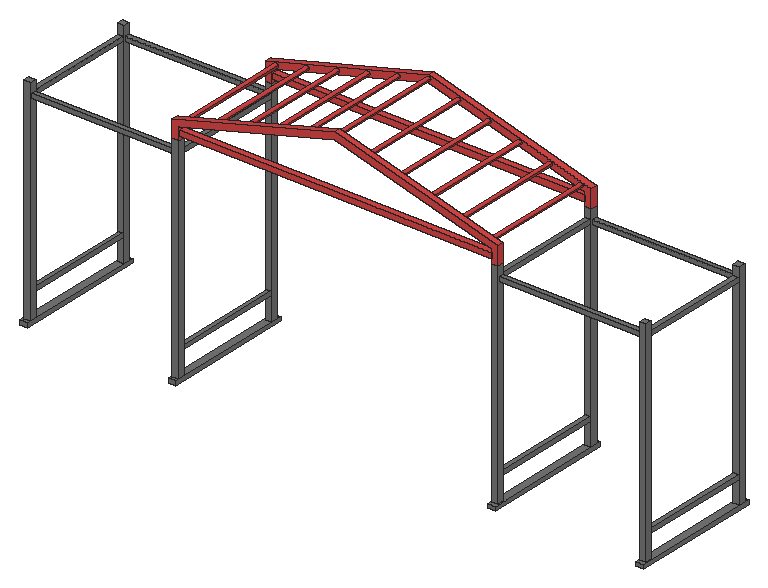
Revit family "Рама многофункциональная для силовых тренировок LifeFitness", category Оборудование, Revit 2017
Family settings
  Размер круглого соединителя = Использовать диаметр
  Тип детали = Нормальный
  На основе рабочей плоскости = Нет
  Всегда вертикально = Да
  При загрузке вырезать с полостями = Нет
  Общий = Нет
  Точка расчета площади = Нет
Parameters (values of type "4900х1030х2200")
  Ширина = 4900.0 mm
  Примечание = ""
  Позиция = ""
  Обозначение = ""
  Наименование = "Рама многофункциональная для силовых тренировок"
  Масса = "кг."
  Код оборудования = ""
  Keynote = ""
  Изготовитель = "Severin"
  Завод = "LifeFitness"
  Единицы = "шт."
  Группа модели = "ТХ"
  Глубина = 1030.0 mm
  Высота = 2200.0 mm
Reference planes
  plane 1 "По центру (Вперед/Назад)": y = 0
  plane 2: z = 0
  plane 3 "По центру (Влево/Вправо)": x = 0
  plane 4: x = -2450
  plane 5: x = 2450
  plane 6: y = 515
  plane 7: y = -515
  plane 8: z = 2200
  plane 9: z = 0
Forms (mm)
  Extrusion 1, solid, material "Сталь, окрашенная, темно-серая, матовая", detail levels fine
    sketch origin (0, 0, 0) x (1, 0, 0) y (0, 0, 1)
      loop
        line (-2450, 0) -> (-2390, 0) -> (-2390, 30) -> (-2450, 30) -> (-2450, 0)
    from -515 to 515
  Extrusion 2, solid, material "Сталь, окрашенная, темно-серая, матовая", detail levels fine
    sketch origin (0, 0, 0) x (-1, 0, 0) y (0, 0, -1)
      loop
        line (-2450, 0) -> (-2450, -30) -> (-2390, -30) -> (-2390, 0) -> (-2450, 0)
    from -515 to 515
  Extrusion 3, solid, material "Сталь, окрашенная, темно-серая, матовая", detail levels fine
    sketch origin (1165, 0, 0) x (1, 0, 0) y (0, 0, 1)
      loop
        line (-2450, 0) -> (-2390, 0) -> (-2390, 30) -> (-2450, 30) -> (-2450, 0)
    from -515 to 515
  Extrusion 4, solid, material "Сталь, окрашенная, темно-серая, матовая", detail levels fine
    sketch origin (-1165, 0, 0) x (-1, 0, 0) y (0, 0, -1)
      loop
        line (-2450, 0) -> (-2450, -30) -> (-2390, -30) -> (-2390, 0) -> (-2450, 0)
    from -515 to 515
  Extrusion 5, solid, material "Сталь, окрашенная, темно-серая, матовая", detail levels fine
    sketch origin (0, 0, 0) x (1, 0, 0) y (0, 1, 0)
      loop
        line (-2445, 483.599) -> (-2445, 433.599) -> (-2395, 433.599) -> (-2395, 483.599) -> (-2445, 483.599)
      loop
        line (-2445, -483.599) -> (-2395, -483.599) -> (-2395, -433.599) -> (-2445, -433.599) -> (-2445, -483.599)
      loop
        line (-1230, -483.599) -> (-1230, -433.599) -> (-1280, -433.599) -> (-1280, -483.599) -> (-1230, -483.599)
      loop
        line (-1230, 483.599) -> (-1280, 483.599) -> (-1280, 433.599) -> (-1230, 433.599) -> (-1230, 483.599)
      loop
        line (2445, 483.599) -> (2395, 483.599) -> (2395, 433.599) -> (2445, 433.599) -> (2445, 483.599)
      loop
        line (2445, -483.599) -> (2445, -433.599) -> (2395, -433.599) -> (2395, -483.599) -> (2445, -483.599)
      loop
        line (1230, -483.599) -> (1280, -483.599) -> (1280, -433.599) -> (1230, -433.599) -> (1230, -483.599)
      loop
        line (1230, 483.599) -> (1230, 433.599) -> (1280, 433.599) -> (1280, 483.599) -> (1230, 483.599)
    from 30 to 1707.585
  Sweep 6, solid, material "GKS_Mep_красный", detail levels coarse+fine
    path origin (0, 0, 0) x (1, 0, 0) y (0, 0, 1)
      loop
        line (-1280, 1707.585) -> (-1280, 1847.585) -> (0, 2200) -> (1280, 1847.585) -> (1280, 1707.585)
    profile origin (-1280, 0, 1777.585) x (-1, 0, 0) y (0, -1, 0)
      loop
        line (0, 433.599) -> (0, 483.599) -> (-50, 483.599) -> (-50, 433.599) -> (0, 433.599)
      loop
        line (0, -483.599) -> (0, -433.599) -> (-50, -433.599) -> (-50, -483.599) -> (0, -483.599)
  Extrusion 7, solid, material "GKS_Mep_красный", detail levels fine
    sketch origin (0, 0, 0) x (1, 0, 0) y (0, 0, 1)
      loop
        line (-1230, 1740) -> (1230, 1740) -> (1230, 1785) -> (-1230, 1785) -> (-1230, 1740)
    from 433.599 to 483.599
  Extrusion 8, solid, material "GKS_Mep_красный", detail levels fine
    sketch origin (0, 0, 0) x (1, 0, 0) y (0, 0, -1)
      loop
        line (-1230, -1740) -> (-1230, -1785) -> (1230, -1785) -> (1230, -1740) -> (-1230, -1740)
    from 433.599 to 483.599
  Extrusion 9, solid, material "GKS_Mep_красный", detail levels coarse+fine
    sketch origin (0, 0, 0) x (1, 0, 0) y (0, 0, 1)
      loop
        circle (0, 2174.39) r 15
      loop
        circle (-236.211, 2109.355) r 15
      loop
        circle (-476.372, 2043.791) r 15
      loop
        circle (-716.533, 1978.227) r 15
      loop
        circle (-956.694, 1912.663) r 15
      loop
        circle (-1196.855, 1847.099) r 15
      loop
        circle (236.211, 2109.355) r 15
      loop
        circle (476.372, 2043.791) r 15
      loop
        circle (716.533, 1978.227) r 15
      loop
        circle (956.694, 1912.663) r 15
      loop
        circle (1196.855, 1847.099) r 15
    from -433.599 to 433.599
  Sweep 10, solid, material "Сталь, окрашенная, темно-серая, матовая", detail levels coarse+fine
    path origin (0, 0, 0) x (1, 0, 0) y (0, 1, 0)
      loop
        line (-2420, 458.599) -> (-2420, -458.599) -> (-1255, -458.599) -> (-1255, 458.599) -> (-2420, 458.599)
    profile origin (-1837.5, 458.599, 0) x (0, 1, 0) y (0, 0, 1)
      loop
        line (-17.5, 1632.5) -> (-17.5, 1597.5) -> (17.5, 1597.5) -> (17.5, 1632.5) -> (-17.5, 1632.5)
  Sweep 11, solid, material "Сталь, окрашенная, темно-серая, матовая", detail levels coarse+fine
    path origin (0, 0, 0) x (-1, 0, 0) y (0, 1, 0)
      loop
        line (-2420, 458.599) -> (-2420, -458.599) -> (-1255, -458.599) -> (-1255, 458.599) -> (-2420, 458.599)
    profile origin (1837.5, 458.599, 0) x (0, -1, 0) y (0, 0, 1)
      loop
        line (17.5, 1632.5) -> (-17.5, 1632.5) -> (-17.5, 1597.5) -> (17.5, 1597.5) -> (17.5, 1632.5)
  Extrusion 12, solid, material "Сталь, окрашенная, темно-серая, матовая", detail levels fine
    sketch origin (0, 0, -1390) x (1, 0, 0) y (0, 0, 1)
      loop
        line (-2402.5, 1632.5) -> (-2437.5, 1632.5) -> (-2437.5, 1597.5) -> (-2402.5, 1597.5) -> (-2402.5, 1632.5)
      loop
        line (-1237.5, 1632.5) -> (-1272.5, 1632.5) -> (-1272.5, 1597.5) -> (-1237.5, 1597.5) -> (-1237.5, 1632.5)
    from -433.599 to 433.599
  Extrusion 13, solid, material "Сталь, окрашенная, темно-серая, матовая", detail levels fine
    sketch origin (0, 0, -1390) x (-1, 0, 0) y (0, 0, -1)
      loop
        line (-2402.5, -1632.5) -> (-2402.5, -1597.5) -> (-2437.5, -1597.5) -> (-2437.5, -1632.5) -> (-2402.5, -1632.5)
      loop
        line (-1237.5, -1632.5) -> (-1237.5, -1597.5) -> (-1272.5, -1597.5) -> (-1272.5, -1632.5) -> (-1237.5, -1632.5)
    from -433.599 to 433.599
Lines and regions (mm)
  symbolic lines, detail levels medium
    curve 1: line (2450, -515, 0) -> (-2450, -515, 0)
    curve 3: line (-2450, 515, 0) -> (2450, 515, 0)
    curve 5: line (-13.163, -515, 0) -> (0, -411.201, 0)
    curve 6: line (13.163, -515, 0) -> (0, -411.201, 0)
  symbolic lines, detail levels coarse+medium
    curve 2: line (2450, 515, 0) -> (2450, -515, 0)
    curve 4: line (-2450, -515, 0) -> (-2450, 515, 0)
Dimensions and locks
  equal spacing: plane 4, plane 3 "По центру (Влево/Вправо)", plane 5
  "Ширина": plane 4 to plane 5
  equal spacing: plane 6, plane 1 "По центру (Вперед/Назад)", plane 7
  "Глубина": plane 6 to plane 7
  "Высота": plane 8 to plane 2
  plane 5 to plane 4 = 4900.0 mm
  plane 4 to Extrusion 1 = 60.0 mm
  aligned and locked: level to plane 2
Automatic sketch dimensions
  curve 1 to plane 4 = 0.0 mm
  curve 5 to plane 7 = 0.0 mm
  curve 5 to plane 3 "По центру (Влево/Вправо)" = 0.0 mm
  curve 2 to plane 5 = 0.0 mm
  curve 3 to plane 6 = 0.0 mm
  plane 7 to curve 5 = 103.799 mm
  curve 5 to plane 3 "По центру (Влево/Вправо)" = 13.163 mm
  plane 3 "По центру (Влево/Вправо)" to curve 6 = 13.163 mm
  Extrusion 1 sketch curve to plane 4 = 0.0 mm
  Extrusion 1 sketch curve to level = 0.0 mm
  level to Extrusion 1 sketch curve = 30.0 mm
  plane 4 to Extrusion 1 sketch curve = 60.0 mm
  Extrusion 2 sketch curve to plane 5 = 0.0 mm
  Extrusion 2 sketch curve to level = 0.0 mm
  Extrusion 2 sketch curve to level = 30.0 mm
  plane 5 to Extrusion 2 sketch curve = 60.0 mm
  Extrusion 3 sketch curve to level = 0.0 mm
  level to Extrusion 3 sketch curve = 30.0 mm
  plane 4 to Extrusion 3 sketch curve = 1165.0 mm
  Extrusion 3 sketch curve to Extrusion 3 sketch curve = 60.0 mm
  Extrusion 4 sketch curve to level = 0.0 mm
  Extrusion 4 sketch curve to level = 30.0 mm
  plane 5 to Extrusion 4 sketch curve = 1165.0 mm
  Extrusion 4 sketch curve to Extrusion 4 sketch curve = 60.0 mm
  plane 4 to Extrusion 5 sketch curve = 5.0 mm  (x2)
  Extrusion 5 sketch curve to Extrusion 5 sketch curve = 50.0 mm  (x10)
  Extrusion 5 sketch curve to plane 6 = 81.401 mm  (x4)
  Extrusion 5 sketch curve to Extrusion 5 sketch curve = 1115.0 mm
  plane 7 to Extrusion 5 sketch curve = 31.401 mm  (x4)
  Extrusion 5 sketch curve to Extrusion 5 sketch curve = 0.0 mm  (x2)
  Extrusion 5 sketch curve to plane 5 = 1220.0 mm
  Extrusion 5 sketch curve to plane 5 = 55.0 mm  (x2)
  Extrusion 5 sketch curve to plane 5 = 5.0 mm  (x2)
  Extrusion 5 sketch curve to plane 6 = 31.401 mm  (x4)
  Sweep 6 sketch curve to plane 3 "По центру (Влево/Вправо)" = 0.0 mm
  Sweep 6 sketch curve to plane 8 = 0.0 mm
  Sweep 6 sketch curve to plane 8 = 352.415 mm  (x2)
  plane 4 to Sweep 6 sketch curve = 1170.0 mm
  Sweep 6 sketch curve to plane 5 = 1170.0 mm
  Sweep 6 sketch curve to Sweep 6 sketch curve = 140.0 mm  (x2)
  Sweep 6 sketch curve to profile plane = 0.0 mm  (x2)
  profile plane to Sweep 6 sketch curve = 50.0 mm  (x2)
  Sweep 6 sketch curve to plane 1 "По центру (Вперед/Назад)" = 483.599 mm
  Sweep 6 sketch curve to Sweep 6 sketch curve = 50.0 mm  (x2)
  plane 1 "По центру (Вперед/Назад)" to Sweep 6 sketch curve = 433.599 mm
  Extrusion 7 sketch curve to plane 8 = 460.0 mm
  plane 4 to Extrusion 7 sketch curve = 1220.0 mm
  Extrusion 7 sketch curve to plane 8 = 415.0 mm
  Extrusion 7 sketch curve to plane 5 = 1220.0 mm
  Extrusion 8 sketch curve to plane 8 = 460.0 mm
  plane 4 to Extrusion 8 sketch curve = 1220.0 mm
  Extrusion 8 sketch curve to plane 8 = 415.0 mm
  Extrusion 8 sketch curve to plane 5 = 1220.0 mm
  Extrusion 9 sketch curve to plane 3 "По центру (Влево/Вправо)" = 0.0 mm
  Extrusion 9 sketch curve to plane 8 = 90.645 mm  (x2)
  Extrusion 9 sketch curve to plane 3 "По центру (Влево/Вправо)" = 236.211 mm
  Extrusion 9 sketch curve to Extrusion 9 sketch curve = 240.161 mm  (x8)
  plane 3 "По центру (Влево/Вправо)" to Extrusion 9 sketch curve = 236.211 mm
  Extrusion 9 sketch curve to plane 8 = 156.209 mm  (x2)
  Extrusion 9 sketch curve to plane 8 = 221.773 mm  (x2)
  Extrusion 9 sketch curve to Extrusion 9 sketch curve = 65.564 mm  (x4)
  Extrusion 9 sketch curve to plane 8 = 25.61 mm
  plane 4 to Sweep 10 sketch curve = 30.0 mm
  plane 7 to Sweep 10 sketch curve = 56.401 mm
  Sweep 10 sketch curve to Sweep 10 sketch curve = 1165.0 mm
  Sweep 10 sketch curve to plane 6 = 56.401 mm
  profile plane to Sweep 10 sketch curve = 17.5 mm
  Sweep 10 sketch curve to profile plane = 17.5 mm
  level to Sweep 10 sketch curve = 1597.5 mm
  Sweep 10 sketch curve to Sweep 10 sketch curve = 35.0 mm
  plane 5 to Sweep 11 sketch curve = 30.0 mm
  Sweep 11 sketch curve to plane 7 = 56.401 mm
  Sweep 11 sketch curve to Sweep 11 sketch curve = 1165.0 mm
  plane 6 to Sweep 11 sketch curve = 56.401 mm
  profile plane to Sweep 11 sketch curve = 17.5 mm
  Sweep 11 sketch curve to profile plane = 17.5 mm
  level to Sweep 11 sketch curve = 1597.5 mm
  Sweep 11 sketch curve to Sweep 11 sketch curve = 35.0 mm
  plane 4 to Extrusion 12 sketch curve = 12.5 mm
  Extrusion 12 sketch curve to Extrusion 12 sketch curve = 35.0 mm  (x4)
  level to Extrusion 12 sketch curve = 207.5 mm  (x2)
  Extrusion 12 sketch curve to Extrusion 12 sketch curve = 1130.0 mm
  plane 5 to Extrusion 13 sketch curve = 12.5 mm
  Extrusion 13 sketch curve to Extrusion 13 sketch curve = 35.0 mm  (x4)
  Extrusion 13 sketch curve to level = 207.5 mm  (x2)
  Extrusion 13 sketch curve to Extrusion 13 sketch curve = 1130.0 mm
  radius of Extrusion 9 sketch curve = 15.0 mm  (x11)
